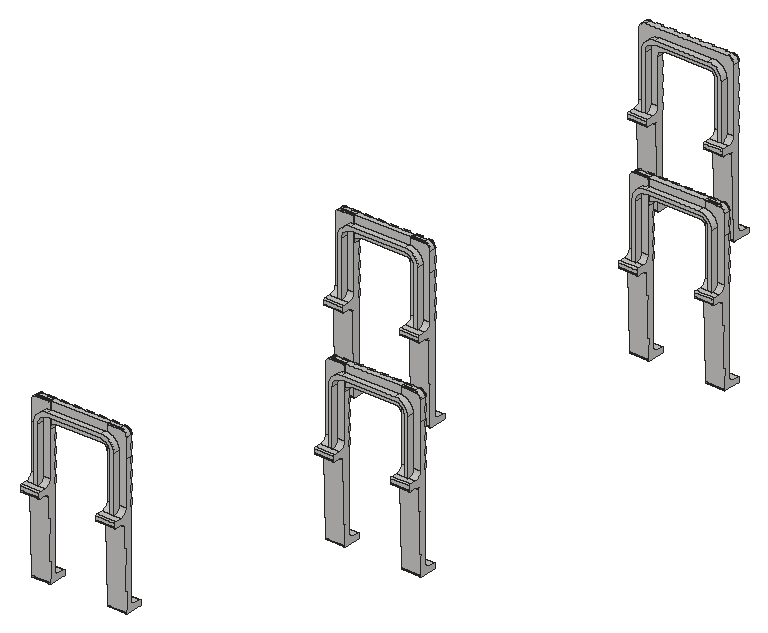
Revit family "TSF‐___‐DSD‐IRON‐SI_B0 (LOD500)", category Generic Models, host Face, Revit 2018 (continued)
Forms (mm)
  Extrusion 50, solid, material "Stainless Steel", visible <- "LHS"
    sketch origin (-175, -1208, 0) x (0, 0, 1) y (1, 0, 0)
      loop
        arc (128.5, 15) -> (128.146, 14.854) -> (128, 14.5) r 0.5
        line (128, 14.5) -> (128, 5.5)
        arc (128, 5.5) -> (128.146, 5.146) -> (128.5, 5) r 0.5
        line (128.5, 5) -> (130, 5)
      loop
        line (130, -15) -> (130, -5) -> (128.5, -5)
        arc (128.5, -5) -> (128.146, -5.146) -> (128, -5.5) r 0.5
        line (128, -5.5) -> (128, -14.5)
        arc (128, -14.5) -> (128.146, -14.854) -> (128.5, -15) r 0.5
        line (128.5, -15) -> (130, -15)
      loop
        line (130, -35) -> (130, -25) -> (128.5, -25)
        arc (128.5, -25) -> (128.146, -25.146) -> (128, -25.5) r 0.5
        line (128, -25.5) -> (128, -34.5)
        arc (128, -34.5) -> (128.146, -34.854) -> (128.5, -35) r 0.5
        line (128.5, -35) -> (130, -35)
      loop
        line (130, -55) -> (130, -45) -> (128.5, -45)
        arc (128.5, -45) -> (128.146, -45.146) -> (128, -45.5) r 0.5
        line (128, -45.5) -> (128, -54.5)
        arc (128, -54.5) -> (128.146, -54.854) -> (128.5, -55) r 0.5
        line (128.5, -55) -> (130, -55)
      loop
        line (120, -73.508) -> (120, -75)
        arc (120, -75) -> (127.071, -72.071) -> (130, -65) r 10
        line (130, -65) -> (128.515, -65)
        arc (128.515, -65) -> (128.151, -65.144) -> (127.984, -65.499) r 0.532
        arc (127.984, -65.499) -> (125.655, -70.659) -> (120.492, -72.985) r 8
        arc (120.492, -72.985) -> (120.142, -73.149) -> (120, -73.508) r 0.525
      loop
        line (100, -75) -> (110, -75) -> (110, -73.5)
        arc (110, -73.5) -> (109.854, -73.146) -> (109.5, -73) r 0.5
        line (109.5, -73) -> (100.5, -73)
        arc (100.5, -73) -> (100.146, -73.146) -> (100, -73.5) r 0.5
        line (100, -73.5) -> (100, -75)
      loop
        line (80, -75) -> (90, -75) -> (90, -73.5)
        arc (90, -73.5) -> (89.854, -73.146) -> (89.5, -73) r 0.5
        line (89.5, -73) -> (80.5, -73)
        arc (80.5, -73) -> (80.146, -73.146) -> (80, -73.5) r 0.5
        line (80, -73.5) -> (80, -75)
      loop
        line (60, -75) -> (71.013, -75) -> (71.013, -73.5)
        arc (71.013, -73.5) -> (70.866, -73.146) -> (70.513, -73) r 0.5
        line (70.513, -73) -> (60.5, -73)
        arc (60.5, -73) -> (60.146, -73.146) -> (60, -73.5) r 0.5
        line (60, -73.5) -> (60, -75)
      loop
        line (40, -75) -> (50, -75) -> (50, -73.5)
        arc (50, -73.5) -> (49.854, -73.146) -> (49.5, -73) r 0.5
        line (49.5, -73) -> (40.5, -73)
        arc (40.5, -73) -> (40.146, -73.146) -> (40, -73.5) r 0.5
        line (40, -73.5) -> (40, -75)
      loop
        line (20, -75) -> (30, -75) -> (30, -73.5)
        arc (30, -73.5) -> (29.854, -73.146) -> (29.5, -73) r 0.5
        line (29.5, -73) -> (20.5, -73)
        arc (20.5, -73) -> (20.146, -73.146) -> (20, -73.5) r 0.5
        line (20, -73.5) -> (20, -75)
      loop
        line (10, -47) -> (19.5, -47)
        arc (19.5, -47) -> (19.854, -46.854) -> (20, -46.5) r 0.5
        line (20, -46.5) -> (20, -45) -> (10, -45) -> (10, -47)
      loop
        line (30, -45) -> (30, -46.5)
        arc (30, -46.5) -> (30.146, -46.854) -> (30.5, -47) r 0.5
        line (30.5, -47) -> (39.5, -47)
        arc (39.5, -47) -> (39.854, -46.854) -> (40, -46.5) r 0.5
        line (40, -46.5) -> (40, -45) -> (30, -45)
      loop
        line (50, -45) -> (50, -46.5)
        arc (50, -46.5) -> (50.146, -46.854) -> (50.5, -47) r 0.5
        line (50.5, -47) -> (59.5, -47)
        arc (59.5, -47) -> (59.854, -46.854) -> (60, -46.5) r 0.5
        line (60, -46.5) -> (60, -45) -> (50, -45)
      loop
        line (71.097, -45) -> (71.097, -46.5)
        arc (71.097, -46.5) -> (71.244, -46.854) -> (71.597, -47) r 0.5
        line (71.597, -47) -> (79.5, -47)
        arc (79.5, -47) -> (79.854, -46.854) -> (80, -46.5) r 0.5
        line (80, -46.5) -> (80, -45) -> (71.097, -45)
      loop
        arc (95.528, -45.651) -> (95.774, -45.36) -> (95.746, -44.98) r 0.502
        line (95.746, -44.98) -> (95.067, -43.621)
        arc (95.067, -43.621) -> (92.626, -44.649) -> (90, -45) r 10
        line (90, -45) -> (90, -46.489)
        arc (90, -46.489) -> (90.154, -46.85) -> (90.522, -46.989) r 0.5
        arc (90.522, -46.989) -> (93.098, -46.593) -> (95.528, -45.651) r 12
      loop
        arc (100, -35) -> (99.671, -37.543) -> (98.707, -39.918) r 10
        line (98.707, -39.918) -> (100.107, -40.519)
        arc (100.107, -40.519) -> (100.494, -40.529) -> (100.781, -40.269) r 0.521
        arc (100.781, -40.269) -> (101.63, -37.958) -> (101.989, -35.522) r 12
        arc (101.989, -35.522) -> (101.85, -35.154) -> (101.489, -35) r 0.5
        line (101.489, -35) -> (100, -35)
      loop
        line (100, -25) -> (101.5, -25)
        arc (101.5, -25) -> (101.854, -24.854) -> (102, -24.5) r 0.5
        line (102, -24.5) -> (102, -15.5)
        arc (102, -15.5) -> (101.854, -15.146) -> (101.5, -15) r 0.5
        line (101.5, -15) -> (100, -15) -> (100, -25)
      loop
        line (100, -5) -> (101.5, -5)
        arc (101.5, -5) -> (101.854, -4.854) -> (102, -4.5) r 0.5
        line (102, -4.5) -> (102, 4.5)
        arc (102, 4.5) -> (101.854, 4.854) -> (101.5, 5) r 0.5
        line (101.5, 5) -> (100, 5) -> (100, -5)
      loop
        line (100, 15) -> (101.5, 15)
        arc (101.5, 15) -> (101.854, 15.146) -> (102, 15.5) r 0.5
        line (102, 15.5) -> (102, 24.5)
        arc (102, 24.5) -> (101.854, 24.854) -> (101.5, 25) r 0.5
        line (101.5, 25) -> (100, 25) -> (100, 15)
      loop
        line (10, 47) -> (10, 45) -> (20, 45) -> (20, 46.5)
        arc (20, 46.5) -> (19.854, 46.854) -> (19.5, 47) r 0.5
        line (19.5, 47) -> (10, 47)
      loop
        line (30, 45) -> (40, 45) -> (40, 46.5)
        arc (40, 46.5) -> (39.854, 46.854) -> (39.5, 47) r 0.5
        line (39.5, 47) -> (30.5, 47)
        arc (30.5, 47) -> (30.146, 46.854) -> (30, 46.5) r 0.5
        line (30, 46.5) -> (30, 45)
      loop
        line (50, 45) -> (60, 45) -> (60, 46.5)
        arc (60, 46.5) -> (59.854, 46.854) -> (59.5, 47) r 0.5
        line (59.5, 47) -> (50.5, 47)
        arc (50.5, 47) -> (50.146, 46.854) -> (50, 46.5) r 0.5
        line (50, 46.5) -> (50, 45)
      loop
        line (70, 45) -> (80, 45) -> (80, 46.5)
        arc (80, 46.5) -> (79.854, 46.854) -> (79.5, 47) r 0.5
        line (79.5, 47) -> (70.5, 47)
        arc (70.5, 47) -> (70.146, 46.854) -> (70, 46.5) r 0.5
        line (70, 46.5) -> (70, 45)
      loop
        arc (100.495, 40.818) -> (100.182, 41.061) -> (99.79, 41.004) r 0.505
        line (99.79, 41.004) -> (98.525, 40.228)
        arc (98.525, 40.228) -> (99.624, 37.716) -> (100, 35) r 10
        line (100, 35) -> (101.489, 35)
        arc (101.489, 35) -> (101.85, 35.154) -> (101.989, 35.522) r 0.5
        arc (101.989, 35.522) -> (101.55, 38.257) -> (100.495, 40.818) r 12
      loop
        arc (90, 45) -> (92.484, 44.687) -> (94.812, 43.766) r 10
        line (94.812, 43.766) -> (95.62, 44.978)
        arc (95.62, 44.978) -> (95.687, 45.382) -> (95.43, 45.701) r 0.5
        arc (95.43, 45.701) -> (93.045, 46.607) -> (90.522, 46.989) r 12
        arc (90.522, 46.989) -> (90.154, 46.85) -> (90, 46.489) r 0.5
        line (90, 46.489) -> (90, 45)
    from 8 to 10
  Extrusion 51, solid, material "Stainless Steel", visible <- "LHS"
    sketch origin (-175, -1208, 0) x (0, 0, 1) y (0, 1, 0)
      loop
        arc (-130, 1.939) -> (-129.436, 0.547) -> (-128.061, -0.06) r 2
        line (-128.061, -0.06) -> (-4.791, -3.851)
        arc (-4.791, -3.851) -> (-1.391, -5.385) -> (0, -8.846) r 5
        line (0, -8.846) -> (0, -20)
        arc (0, -20) -> (0.586, -21.414) -> (2, -22) r 2
        line (2, -22) -> (8, -22)
        arc (8, -22) -> (9.414, -21.414) -> (10, -20) r 2
        line (10, -20) -> (10, -10)
        arc (10, -10) -> (12.929, -2.929) -> (20, 0) r 10
        line (20, 0) -> (128, 0)
        arc (128, 0) -> (129.414, 0.586) -> (130, 2) r 2
        line (130, 2) -> (130, 8) -> (6.433, 8) -> (-112.761, 8)
        arc (-112.761, 8) -> (-118.129, 10.068) -> (-120.721, 15.204) r 8
        line (-120.721, 15.204) -> (-121.91, 27.099)
        arc (-121.91, 27.099) -> (-122.234, 27.741) -> (-122.905, 28) r 1
        line (-122.905, 28) -> (-129, 28)
        arc (-129, 28) -> (-129.707, 27.707) -> (-130, 27) r 1
        line (-130, 27) -> (-130, 1.939)
    from 45 to 75
  Extrusion 52, solid, material "Stainless Steel", visible <- "LHS"
    sketch origin (-55, -1208, 0) x (0, 0, 1) y (0, 1, 0)
      loop
        arc (-130, 1.939) -> (-129.436, 0.547) -> (-128.061, -0.06) r 2
        line (-128.061, -0.06) -> (-4.791, -3.851)
        arc (-4.791, -3.851) -> (-1.391, -5.385) -> (0, -8.846) r 5
        line (0, -8.846) -> (0, -20)
        arc (0, -20) -> (0.586, -21.414) -> (2, -22) r 2
        line (2, -22) -> (8, -22)
        arc (8, -22) -> (9.414, -21.414) -> (10, -20) r 2
        line (10, -20) -> (10, -10)
        arc (10, -10) -> (12.929, -2.929) -> (20, 0) r 10
        line (20, 0) -> (128, 0)
        arc (128, 0) -> (129.414, 0.586) -> (130, 2) r 2
        line (130, 2) -> (130, 8) -> (6.433, 8) -> (-112.761, 8)
        arc (-112.761, 8) -> (-118.129, 10.068) -> (-120.721, 15.204) r 8
        line (-120.721, 15.204) -> (-121.91, 27.099)
        arc (-121.91, 27.099) -> (-122.234, 27.741) -> (-122.905, 28) r 1
        line (-122.905, 28) -> (-129, 28)
        arc (-129, 28) -> (-129.707, 27.707) -> (-130, 27) r 1
        line (-130, 27) -> (-130, 1.939)
    from 45 to 75
  Extrusion 53, solid, material "Stainless Steel", visible <- "LHS"
    sketch origin (-175, -1208, 0) x (0, 0, 1) y (1, 0, 0)
      loop
        arc (90, 45) -> (97.071, 42.071) -> (100, 35) r 10
        line (100, 35) -> (100, -35)
        arc (100, -35) -> (97.071, -42.071) -> (90, -45) r 10
        line (90, -45) -> (90, -75) -> (120, -75)
        arc (120, -75) -> (127.071, -72.071) -> (130, -65) r 10
        line (130, -65) -> (130, 65)
        arc (130, 65) -> (127.071, 72.071) -> (120, 75) r 10
        line (120, 75) -> (90, 75) -> (90, 45)
    from 0 to 8
  Extrusion 54, void
    sketch origin (-175, -1208, 0) x (0, 0, 1) y (1, 0, 0)
      loop
        line (130, 65) -> (130, 75) -> (120, 75)
        arc (120, 75) -> (127.071, 72.071) -> (130, 65) r 10
      loop
        line (120, -75) -> (130, -75) -> (130, -65)
        arc (130, -65) -> (127.071, -72.071) -> (120, -75) r 10
    from 0 to 8
  Extrusion 55, solid, material "Stainless Steel", visible <- "RHS"
    sketch origin (175, -1208, 0) x (0, 0, 1) y (1, 0, 0)
      loop
        line (97, 63) -> (0, 63) -> (0, 57) -> (97, 57)
        arc (97, 57) -> (107.607, 52.607) -> (112, 42) r 15
        line (112, 42) -> (112, -42)
        arc (112, -42) -> (107.607, -52.607) -> (97, -57) r 15
        line (97, -57) -> (0, -57) -> (0, -63) -> (97, -63)
        arc (97, -63) -> (111.849, -56.849) -> (118, -42) r 21
        line (118, -42) -> (118, 42)
        arc (118, 42) -> (111.849, 56.849) -> (97, 63) r 21
    from -10 to 0
  Extrusion 56, solid, material "Stainless Steel", visible <- "RHS"
    sketch origin (175, -1208, 0) x (0, 0, 1) y (1, 0, 0)
      loop
        line (20, 75) -> (20, 73.5)
        arc (20, 73.5) -> (20.146, 73.146) -> (20.5, 73) r 0.5
        line (20.5, 73) -> (29.5, 73)
        arc (29.5, 73) -> (29.854, 73.146) -> (30, 73.5) r 0.5
        line (30, 73.5) -> (30, 75) -> (20, 75)
      loop
        line (40, 75) -> (40, 73.5)
        arc (40, 73.5) -> (40.146, 73.146) -> (40.5, 73) r 0.5
        line (40.5, 73) -> (49.5, 73)
        arc (49.5, 73) -> (49.854, 73.146) -> (50, 73.5) r 0.5
        line (50, 73.5) -> (50, 75) -> (40, 75)
      loop
        line (60, 75) -> (60, 73.5)
        arc (60, 73.5) -> (60.146, 73.146) -> (60.5, 73) r 0.5
        line (60.5, 73) -> (69.5, 73)
        arc (69.5, 73) -> (69.854, 73.146) -> (70, 73.5) r 0.5
        line (70, 73.5) -> (70, 75) -> (60, 75)
      loop
        line (80, 75) -> (80, 73.5)
        arc (80, 73.5) -> (80.146, 73.146) -> (80.5, 73) r 0.5
        line (80.5, 73) -> (89.492, 73)
        arc (89.492, 73) -> (89.851, 73.149) -> (90, 73.508) r 0.508
        line (90, 73.508) -> (90, 75) -> (80, 75)
      loop
        line (100, 75) -> (100, 73.5)
        arc (100, 73.5) -> (100.146, 73.146) -> (100.5, 73) r 0.5
        line (100.5, 73) -> (109.5, 73)
        arc (109.5, 73) -> (109.854, 73.146) -> (110, 73.5) r 0.5
        line (110, 73.5) -> (110, 75) -> (100, 75)
      loop
        arc (120, 73.528) -> (120.148, 73.155) -> (120.511, 72.984) r 0.546
        arc (120.511, 72.984) -> (125.835, 70.473) -> (128, 65) r 8
        line (128, 65) -> (130, 65)
        arc (130, 65) -> (127.071, 72.071) -> (120, 75) r 10
        line (120, 75) -> (120, 73.528)
      loop
        line (130, 45) -> (130, 55) -> (128.5, 55)
        arc (128.5, 55) -> (128.146, 54.854) -> (128, 54.5) r 0.5
        line (128, 54.5) -> (128, 45.5)
        arc (128, 45.5) -> (128.146, 45.146) -> (128.5, 45) r 0.5
        line (128.5, 45) -> (130, 45)
      loop
        line (130, 25) -> (130, 35) -> (128.5, 35)
        arc (128.5, 35) -> (128.146, 34.854) -> (128, 34.5) r 0.5
        line (128, 34.5) -> (128, 25.5)
        arc (128, 25.5) -> (128.146, 25.146) -> (128.5, 25) r 0.5
        line (128.5, 25) -> (130, 25)
      loop
        line (130, 5) -> (130, 15) -> (128.5, 15)
        arc (128.5, 15) -> (128.146, 14.854) -> (128, 14.5) r 0.5
        line (128, 14.5) -> (128, 5.5)
        arc (128, 5.5) -> (128.146, 5.146) -> (128.5, 5) r 0.5
        line (128.5, 5) -> (130, 5)
      loop
        line (130, -15) -> (130, -5) -> (128.5, -5)
        arc (128.5, -5) -> (128.146, -5.146) -> (128, -5.5) r 0.5
        line (128, -5.5) -> (128, -14.5)
        arc (128, -14.5) -> (128.146, -14.854) -> (128.5, -15) r 0.5
        line (128.5, -15) -> (130, -15)
      loop
        line (130, -35) -> (130, -25) -> (128.5, -25)
        arc (128.5, -25) -> (128.146, -25.146) -> (128, -25.5) r 0.5
        line (128, -25.5) -> (128, -34.5)
        arc (128, -34.5) -> (128.146, -34.854) -> (128.5, -35) r 0.5
        line (128.5, -35) -> (130, -35)
      loop
        line (130, -55) -> (130, -45) -> (128.5, -45)
        arc (128.5, -45) -> (128.146, -45.146) -> (128, -45.5) r 0.5
        line (128, -45.5) -> (128, -54.5)
        arc (128, -54.5) -> (128.146, -54.854) -> (128.5, -55) r 0.5
        line (128.5, -55) -> (130, -55)
      loop
        line (120, -73.508) -> (120, -75)
        arc (120, -75) -> (127.071, -72.071) -> (130, -65) r 10
        line (130, -65) -> (128.515, -65)
        arc (128.515, -65) -> (128.151, -65.144) -> (127.984, -65.499) r 0.532
        arc (127.984, -65.499) -> (125.655, -70.659) -> (120.492, -72.985) r 8
        arc (120.492, -72.985) -> (120.142, -73.149) -> (120, -73.508) r 0.525
      loop
        line (100, -75) -> (110, -75) -> (110, -73.5)
        arc (110, -73.5) -> (109.854, -73.146) -> (109.5, -73) r 0.5
        line (109.5, -73) -> (100.5, -73)
        arc (100.5, -73) -> (100.146, -73.146) -> (100, -73.5) r 0.5
        line (100, -73.5) -> (100, -75)
      loop
        line (80, -75) -> (90, -75) -> (90, -73.5)
        arc (90, -73.5) -> (89.854, -73.146) -> (89.5, -73) r 0.5
        line (89.5, -73) -> (80.5, -73)
        arc (80.5, -73) -> (80.146, -73.146) -> (80, -73.5) r 0.5
        line (80, -73.5) -> (80, -75)
      loop
        line (60, -75) -> (71.013, -75) -> (71.013, -73.5)
        arc (71.013, -73.5) -> (70.866, -73.146) -> (70.513, -73) r 0.5
        line (70.513, -73) -> (60.5, -73)
        arc (60.5, -73) -> (60.146, -73.146) -> (60, -73.5) r 0.5
        line (60, -73.5) -> (60, -75)
      loop
        line (40, -75) -> (50, -75) -> (50, -73.5)
        arc (50, -73.5) -> (49.854, -73.146) -> (49.5, -73) r 0.5
        line (49.5, -73) -> (40.5, -73)
        arc (40.5, -73) -> (40.146, -73.146) -> (40, -73.5) r 0.5
        line (40, -73.5) -> (40, -75)
      loop
        line (20, -75) -> (30, -75) -> (30, -73.5)
        arc (30, -73.5) -> (29.854, -73.146) -> (29.5, -73) r 0.5
        line (29.5, -73) -> (20.5, -73)
        arc (20.5, -73) -> (20.146, -73.146) -> (20, -73.5) r 0.5
        line (20, -73.5) -> (20, -75)
      loop
        line (10, -47) -> (19.5, -47)
        arc (19.5, -47) -> (19.854, -46.854) -> (20, -46.5) r 0.5
        line (20, -46.5) -> (20, -45) -> (10, -45) -> (10, -47)
      loop
        line (30, -45) -> (30, -46.5)
        arc (30, -46.5) -> (30.146, -46.854) -> (30.5, -47) r 0.5
        line (30.5, -47) -> (39.5, -47)
        arc (39.5, -47) -> (39.854, -46.854) -> (40, -46.5) r 0.5
        line (40, -46.5) -> (40, -45) -> (30, -45)
      loop
        line (50, -45) -> (50, -46.5)
        arc (50, -46.5) -> (50.146, -46.854) -> (50.5, -47) r 0.5
        line (50.5, -47) -> (59.5, -47)
        arc (59.5, -47) -> (59.854, -46.854) -> (60, -46.5) r 0.5
        line (60, -46.5) -> (60, -45) -> (50, -45)
      loop
        line (71.097, -45) -> (71.097, -46.5)
        arc (71.097, -46.5) -> (71.244, -46.854) -> (71.597, -47) r 0.5
        line (71.597, -47) -> (79.5, -47)
        arc (79.5, -47) -> (79.854, -46.854) -> (80, -46.5) r 0.5
        line (80, -46.5) -> (80, -45) -> (71.097, -45)
      loop
        arc (95.528, -45.651) -> (95.774, -45.36) -> (95.746, -44.98) r 0.502
        line (95.746, -44.98) -> (95.067, -43.621)
        arc (95.067, -43.621) -> (92.626, -44.649) -> (90, -45) r 10
        line (90, -45) -> (90, -46.489)
        arc (90, -46.489) -> (90.154, -46.85) -> (90.522, -46.989) r 0.5
        arc (90.522, -46.989) -> (93.098, -46.593) -> (95.528, -45.651) r 12
      loop
        arc (100, -35) -> (99.671, -37.543) -> (98.707, -39.918) r 10
        line (98.707, -39.918) -> (100.107, -40.519)
        arc (100.107, -40.519) -> (100.494, -40.529) -> (100.781, -40.269) r 0.521
        arc (100.781, -40.269) -> (101.63, -37.958) -> (101.989, -35.522) r 12
        arc (101.989, -35.522) -> (101.85, -35.154) -> (101.489, -35) r 0.5
        line (101.489, -35) -> (100, -35)
      loop
        line (100, -25) -> (101.5, -25)
        arc (101.5, -25) -> (101.854, -24.854) -> (102, -24.5) r 0.5
        line (102, -24.5) -> (102, -15.5)
        arc (102, -15.5) -> (101.854, -15.146) -> (101.5, -15) r 0.5
        line (101.5, -15) -> (100, -15) -> (100, -25)
      loop
        line (100, -5) -> (101.5, -5)
        arc (101.5, -5) -> (101.854, -4.854) -> (102, -4.5) r 0.5
        line (102, -4.5) -> (102, 4.5)
        arc (102, 4.5) -> (101.854, 4.854) -> (101.5, 5) r 0.5
        line (101.5, 5) -> (100, 5) -> (100, -5)
      loop
        line (100, 15) -> (101.5, 15)
        arc (101.5, 15) -> (101.854, 15.146) -> (102, 15.5) r 0.5
        line (102, 15.5) -> (102, 24.5)
        arc (102, 24.5) -> (101.854, 24.854) -> (101.5, 25) r 0.5
        line (101.5, 25) -> (100, 25) -> (100, 15)
      loop
        line (10, 47) -> (10, 45) -> (20, 45) -> (20, 46.5)
        arc (20, 46.5) -> (19.854, 46.854) -> (19.5, 47) r 0.5
        line (19.5, 47) -> (10, 47)
      loop
        line (30, 45) -> (40, 45) -> (40, 46.5)
        arc (40, 46.5) -> (39.854, 46.854) -> (39.5, 47) r 0.5
        line (39.5, 47) -> (30.5, 47)
        arc (30.5, 47) -> (30.146, 46.854) -> (30, 46.5) r 0.5
        line (30, 46.5) -> (30, 45)
      loop
        line (50, 45) -> (60, 45) -> (60, 46.5)
        arc (60, 46.5) -> (59.854, 46.854) -> (59.5, 47) r 0.5
        line (59.5, 47) -> (50.5, 47)
        arc (50.5, 47) -> (50.146, 46.854) -> (50, 46.5) r 0.5
        line (50, 46.5) -> (50, 45)
      loop
        line (70, 45) -> (80, 45) -> (80, 46.5)
        arc (80, 46.5) -> (79.854, 46.854) -> (79.5, 47) r 0.5
        line (79.5, 47) -> (70.5, 47)
        arc (70.5, 47) -> (70.146, 46.854) -> (70, 46.5) r 0.5
        line (70, 46.5) -> (70, 45)
      loop
        arc (100.495, 40.818) -> (100.182, 41.061) -> (99.79, 41.004) r 0.505
        line (99.79, 41.004) -> (98.525, 40.228)
        arc (98.525, 40.228) -> (99.624, 37.716) -> (100, 35) r 10
        line (100, 35) -> (101.489, 35)
        arc (101.489, 35) -> (101.85, 35.154) -> (101.989, 35.522) r 0.5
        arc (101.989, 35.522) -> (101.55, 38.257) -> (100.495, 40.818) r 12
      loop
        arc (90, 45) -> (92.484, 44.687) -> (94.812, 43.766) r 10
        line (94.812, 43.766) -> (95.62, 44.978)
        arc (95.62, 44.978) -> (95.687, 45.382) -> (95.43, 45.701) r 0.5
        arc (95.43, 45.701) -> (93.045, 46.607) -> (90.522, 46.989) r 12
        arc (90.522, 46.989) -> (90.154, 46.85) -> (90, 46.489) r 0.5
        line (90, 46.489) -> (90, 45)
    from 8 to 10
  Extrusion 57, solid, material "Stainless Steel", visible <- "RHS"
    sketch origin (175, -1208, 0) x (0, 0, 1) y (0, 1, 0)
      loop
        arc (-130, 1.939) -> (-129.436, 0.547) -> (-128.061, -0.06) r 2
        line (-128.061, -0.06) -> (-4.791, -3.851)
        arc (-4.791, -3.851) -> (-1.391, -5.385) -> (0, -8.846) r 5
        line (0, -8.846) -> (0, -20)
        arc (0, -20) -> (0.586, -21.414) -> (2, -22) r 2
        line (2, -22) -> (8, -22)
        arc (8, -22) -> (9.414, -21.414) -> (10, -20) r 2
        line (10, -20) -> (10, -10)
        arc (10, -10) -> (12.929, -2.929) -> (20, 0) r 10
        line (20, 0) -> (128, 0)
        arc (128, 0) -> (129.414, 0.586) -> (130, 2) r 2
        line (130, 2) -> (130, 8) -> (6.433, 8) -> (-112.761, 8)
        arc (-112.761, 8) -> (-118.129, 10.068) -> (-120.721, 15.204) r 8
        line (-120.721, 15.204) -> (-121.91, 27.099)
        arc (-121.91, 27.099) -> (-122.234, 27.741) -> (-122.905, 28) r 1
        line (-122.905, 28) -> (-129, 28)
        arc (-129, 28) -> (-129.707, 27.707) -> (-130, 27) r 1
        line (-130, 27) -> (-130, 1.939)
    from 45 to 75
  Extrusion 58, solid, material "Stainless Steel", visible <- "RHS"
    sketch origin (295, -1208, 0) x (0, 0, 1) y (0, 1, 0)
      loop
        arc (-130, 1.939) -> (-129.436, 0.547) -> (-128.061, -0.06) r 2
        line (-128.061, -0.06) -> (-4.791, -3.851)
        arc (-4.791, -3.851) -> (-1.391, -5.385) -> (0, -8.846) r 5
        line (0, -8.846) -> (0, -20)
        arc (0, -20) -> (0.586, -21.414) -> (2, -22) r 2
        line (2, -22) -> (8, -22)
        arc (8, -22) -> (9.414, -21.414) -> (10, -20) r 2
        line (10, -20) -> (10, -10)
        arc (10, -10) -> (12.929, -2.929) -> (20, 0) r 10
        line (20, 0) -> (128, 0)
        arc (128, 0) -> (129.414, 0.586) -> (130, 2) r 2
        line (130, 2) -> (130, 8) -> (6.433, 8) -> (-112.761, 8)
        arc (-112.761, 8) -> (-118.129, 10.068) -> (-120.721, 15.204) r 8
        line (-120.721, 15.204) -> (-121.91, 27.099)
        arc (-121.91, 27.099) -> (-122.234, 27.741) -> (-122.905, 28) r 1
        line (-122.905, 28) -> (-129, 28)
        arc (-129, 28) -> (-129.707, 27.707) -> (-130, 27) r 1
        line (-130, 27) -> (-130, 1.939)
    from 45 to 75
  Extrusion 59, solid, material "Stainless Steel", visible <- "RHS"
    sketch origin (175, -1208, 0) x (0, 0, 1) y (1, 0, 0)
      loop
        arc (90, 45) -> (97.071, 42.071) -> (100, 35) r 10
        line (100, 35) -> (100, -35)
        arc (100, -35) -> (97.071, -42.071) -> (90, -45) r 10
        line (90, -45) -> (90, -75) -> (120, -75)
        arc (120, -75) -> (127.071, -72.071) -> (130, -65) r 10
        line (130, -65) -> (130, 65)
        arc (130, 65) -> (127.071, 72.071) -> (120, 75) r 10
        line (120, 75) -> (90, 75) -> (90, 45)
    from 0 to 8
  Extrusion 60, void
    sketch origin (175, -1208, 0) x (0, 0, 1) y (1, 0, 0)
      loop
        line (130, 65) -> (130, 75) -> (120, 75)
        arc (120, 75) -> (127.071, 72.071) -> (130, 65) r 10
      loop
        line (120, -75) -> (130, -75) -> (130, -65)
        arc (130, -65) -> (127.071, -72.071) -> (120, -75) r 10
    from 0 to 8
Cuts and joins
  Extrusion 12, Extrusion 36, Extrusion 48 cuts Extrusion 1
  Extrusion 12, Extrusion 36, Extrusion 48 cuts Extrusion 2
  Extrusion 6, Extrusion 12, Extrusion 36, Extrusion 48 cuts Extrusion 3
  Extrusion 6, Extrusion 12, Extrusion 36, Extrusion 48 cuts Extrusion 4
  Extrusion 6, Extrusion 12, Extrusion 36, Extrusion 48 cuts Extrusion 5
  joined: Extrusion 1, Extrusion 2, Extrusion 3, Extrusion 4, Extrusion 5
  Extrusion 12, Extrusion 18, Extrusion 24 cuts Extrusion 7
  Extrusion 18, Extrusion 24 cuts Extrusion 8
  Extrusion 12, Extrusion 18, Extrusion 24 cuts Extrusion 9
  Extrusion 12, Extrusion 18, Extrusion 24 cuts Extrusion 10
  Extrusion 12, Extrusion 18, Extrusion 24 cuts Extrusion 11
  joined: Extrusion 7, Extrusion 8, Extrusion 9, Extrusion 10, Extrusion 11
  Extrusion 18, Extrusion 30 cuts Extrusion 15
  Extrusion 18, Extrusion 30 cuts Extrusion 16
  Extrusion 18, Extrusion 30, Extrusion 42 cuts Extrusion 17
  Extrusion 24 cuts Extrusion 21
  Extrusion 24 cuts Extrusion 22
  Extrusion 24 cuts Extrusion 23
  Extrusion 30 cuts Extrusion 27
  Extrusion 30 cuts Extrusion 28
  Extrusion 30 cuts Extrusion 29
  Extrusion 36, Extrusion 42 cuts Extrusion 33
  Extrusion 36, Extrusion 42 cuts Extrusion 34
  Extrusion 36, Extrusion 42 cuts Extrusion 35
  Extrusion 42 cuts Extrusion 14
  Extrusion 42 cuts Extrusion 39
  Extrusion 42 cuts Extrusion 40
  Extrusion 42 cuts Extrusion 41
  Extrusion 48 cuts Extrusion 45
  Extrusion 48 cuts Extrusion 46
  Extrusion 48 cuts Extrusion 47
  Extrusion 54 cuts Extrusion 51
  Extrusion 54 cuts Extrusion 52
  Extrusion 54 cuts Extrusion 53
  Extrusion 60 cuts Extrusion 57
  Extrusion 60 cuts Extrusion 58
  Extrusion 60 cuts Extrusion 59
Dimensions and locks
  locked: plane 3 "Center (Left/Right)" to plane 4 at 100
  locked: plane 5 "LHS" to plane 3 "Center (Left/Right)" at 100
  locked: plane 6 "Thickness" to plane 1 "Center (Front/Back)" at 8
  cut or joined group 1 (Extrusion 7, Extrusion 8, Extrusion 9, Extrusion 10, Extrusion 11, Extrusion 12, Extrusion 18, Extrusion 24) to cut or joined group 1 to cut or joined group 1 to plane 5 "LHS" = 30 mm locked, 90 mm locked, 30 mm locked
  plane 4 to cut or joined group 2 (Extrusion 1, Extrusion 2, Extrusion 3, Extrusion 4, Extrusion 5, Extrusion 6, Extrusion 12, Extrusion 36, Extrusion 48) to cut or joined group 2 to cut or joined group 2 = 30 mm locked, 90 mm locked, 30 mm locked
  locked: plane 1 "Center (Front/Back)" to cut or joined group 2 at 2
  plane 6 "Thickness" to plane 1 "Center (Front/Back)" to cut or joined group 1 = 8 mm locked, 2 mm locked
  locked: plane 6 "Thickness" to cut or joined group 1 at 10
  locked: plane 6 "Thickness" to cut or joined group 2 at 10
  equal spacing: group 1, group 2, group 9  (x2)
  equal spacing: group 9, group 2, group 1
  group 3 to group 4 = 0 mm  (x2)
  group 4 to group 3 = 600 mm
  group 5 to group 6 = 0 mm  (x2)
  group 6 to group 5 = 600 mm
  equal spacing: group 7, group 8, group 10  (x2)
  equal spacing: group 10, group 8, group 7
  aligned and locked: plane 2 to host face
  aligned and locked: level to host face
  aligned and locked: Extrusion 2 to Extrusion 6
  aligned and locked: Extrusion 4 to Extrusion 3
  aligned and locked: Extrusion 2 to Extrusion 3
  aligned and locked: Extrusion 2 to Extrusion 4
  aligned and locked: Extrusion 8 to Extrusion 12
  aligned and locked: Extrusion 10 to Extrusion 9
  aligned and locked: Extrusion 8 to Extrusion 9
  aligned and locked: Extrusion 8 to Extrusion 10
  aligned and locked: Extrusion 10 to plane 5 "LHS"
  aligned and locked: Extrusion 3 to Extrusion 2
  aligned and locked: Extrusion 11 to Extrusion 7
  aligned and locked: Extrusion 11 to plane 1 "Center (Front/Back)"
  aligned and locked: Extrusion 5 to Extrusion 1
  aligned and locked: Extrusion 5 to plane 1 "Center (Front/Back)"
  aligned and locked: Extrusion 14 to Extrusion 18
  aligned and locked: Extrusion 16 to Extrusion 15
  aligned and locked: Extrusion 14 to Extrusion 15
  aligned and locked: Extrusion 14 to Extrusion 16
  aligned and locked: Extrusion 17 to Extrusion 13
  aligned and locked: Extrusion 20 to Extrusion 24
  aligned and locked: Extrusion 22 to Extrusion 21
  aligned and locked: Extrusion 20 to Extrusion 21
  aligned and locked: Extrusion 20 to Extrusion 22
  aligned and locked: Extrusion 23 to Extrusion 19
  aligned and locked: Extrusion 26 to Extrusion 30
  aligned and locked: Extrusion 28 to Extrusion 27
  aligned and locked: Extrusion 26 to Extrusion 27
  aligned and locked: Extrusion 26 to Extrusion 28
  aligned and locked: Extrusion 29 to Extrusion 25
  aligned and locked: Extrusion 32 to Extrusion 36
  aligned and locked: Extrusion 34 to Extrusion 33
  aligned and locked: Extrusion 32 to Extrusion 33
  aligned and locked: Extrusion 32 to Extrusion 34
  aligned and locked: Extrusion 33 to Extrusion 32
  aligned and locked: Extrusion 35 to Extrusion 31
  aligned and locked: Extrusion 38 to Extrusion 42
  aligned and locked: Extrusion 40 to Extrusion 39
  aligned and locked: Extrusion 38 to Extrusion 39
  aligned and locked: Extrusion 38 to Extrusion 40
  aligned and locked: Extrusion 39 to Extrusion 38
  aligned and locked: Extrusion 41 to Extrusion 37
  aligned and locked: Extrusion 44 to Extrusion 48
  aligned and locked: Extrusion 46 to Extrusion 45
  aligned and locked: Extrusion 44 to Extrusion 45
  aligned and locked: Extrusion 44 to Extrusion 46
  aligned and locked: Extrusion 45 to Extrusion 44
  aligned and locked: Extrusion 47 to Extrusion 43
  aligned and locked: Extrusion 50 to Extrusion 54
  aligned and locked: Extrusion 52 to Extrusion 51
  aligned and locked: Extrusion 50 to Extrusion 51
  aligned and locked: Extrusion 50 to Extrusion 52
  aligned and locked: Extrusion 53 to Extrusion 49
  aligned and locked: Extrusion 56 to Extrusion 60
  aligned and locked: Extrusion 58 to Extrusion 57
  aligned and locked: Extrusion 56 to Extrusion 57
  aligned and locked: Extrusion 56 to Extrusion 58
  aligned and locked: Extrusion 57 to Extrusion 56
  aligned and locked: Extrusion 59 to Extrusion 55
Automatic sketch dimensions
  Extrusion 13 sketch curve to Extrusion 13 sketch curve = 0 mm  (x9)
  Extrusion 13 sketch curve to Extrusion 13 sketch curve = 15 mm  (x2)
  Extrusion 13 sketch curve to Extrusion 13 sketch curve = 6 mm
  Extrusion 14 sketch curve to Extrusion 14 sketch curve = 0 mm  (x63)
  Extrusion 14 sketch curve to Extrusion 14 sketch curve = 9.5 mm  (x2)
  Extrusion 14 sketch curve to Extrusion 14 sketch curve = 0.5 mm  (x63)
  Extrusion 14 sketch curve to Extrusion 14 sketch curve = 9 mm  (x22)
  Extrusion 14 sketch curve to Extrusion 14 sketch curve = 10 mm  (x29)
  Extrusion 14 sketch curve to Extrusion 14 sketch curve = 10.013 mm
  Extrusion 14 sketch curve to Extrusion 14 sketch curve = 11.097 mm
  Extrusion 14 sketch curve to Extrusion 14 sketch curve = 7.903 mm
  Extrusion 14 sketch curve to Extrusion 14 sketch curve = 8.987 mm
  Extrusion 14 sketch curve to Extrusion 14 sketch curve = 8.992 mm
  Extrusion 14 sketch curve to Extrusion 14 sketch curve = 0.508 mm
  Extrusion 14 sketch curve to Extrusion 14 sketch curve = 4.812 mm
  Extrusion 14 sketch curve to Extrusion 14 sketch curve = 5.067 mm
  Extrusion 14 sketch curve to Extrusion 14 sketch curve = 0.391 mm
  Extrusion 14 sketch curve to Extrusion 14 sketch curve = 0.23 mm
  Extrusion 14 sketch curve to Extrusion 14 sketch curve = 0.449 mm
  Extrusion 14 sketch curve to Extrusion 14 sketch curve = 3.712 mm
  Extrusion 14 sketch curve to Extrusion 14 sketch curve = 3.64 mm
  Extrusion 14 sketch curve to Extrusion 14 sketch curve = 1.265 mm
  Extrusion 14 sketch curve to Extrusion 14 sketch curve = 1.475 mm
  Extrusion 14 sketch curve to Extrusion 14 sketch curve = 1.293 mm
  Extrusion 14 sketch curve to Extrusion 14 sketch curve = 0.264 mm
  Extrusion 14 sketch curve to Extrusion 14 sketch curve = 1.401 mm
  Extrusion 14 sketch curve to Extrusion 14 sketch curve = 0.206 mm
  Extrusion 14 sketch curve to Extrusion 14 sketch curve = 1.489 mm  (x5)
  Extrusion 14 sketch curve to Extrusion 14 sketch curve = 1.5 mm  (x29)
  Extrusion 14 sketch curve to Extrusion 14 sketch curve = 0.525 mm
  Extrusion 14 sketch curve to Extrusion 14 sketch curve = 0.546 mm
  Extrusion 14 sketch curve to Extrusion 14 sketch curve = 26 mm  (x3)
  Extrusion 14 sketch curve to Extrusion 14 sketch curve = 8 mm
  Extrusion 14 sketch curve to Extrusion 14 sketch curve = 8.515 mm
  Extrusion 14 sketch curve to Extrusion 14 sketch curve = 2 mm  (x4)
  Extrusion 14 sketch curve to Extrusion 14 sketch curve = 1.485 mm
  Extrusion 14 sketch curve to Extrusion 14 sketch curve = 0.532 mm
  Extrusion 14 sketch curve to Extrusion 14 sketch curve = 1.492 mm
  Extrusion 14 sketch curve to Extrusion 14 sketch curve = 0.225 mm
  Extrusion 14 sketch curve to Extrusion 14 sketch curve = 0.479 mm
  Extrusion 14 sketch curve to Extrusion 14 sketch curve = 0.43 mm
  Extrusion 14 sketch curve to Extrusion 14 sketch curve = 1.472 mm
  Extrusion 14 sketch curve to Extrusion 14 sketch curve = 0.416 mm
  Extrusion 15 sketch curve to Extrusion 15 sketch curve = 0.209 mm
  Extrusion 15 sketch curve to Extrusion 15 sketch curve = 107.969 mm
  Extrusion 15 sketch curve to Extrusion 15 sketch curve = 7.96 mm
  Extrusion 15 sketch curve to Extrusion 15 sketch curve = 1.189 mm
  Extrusion 15 sketch curve to Extrusion 15 sketch curve = 0.995 mm
  Extrusion 15 sketch curve to Extrusion 15 sketch curve = 7.279 mm
  Extrusion 15 sketch curve to Extrusion 15 sketch curve = 0.061 mm
  Extrusion 15 sketch curve to Extrusion 15 sketch curve = 6.095 mm
  Extrusion 15 sketch curve to Extrusion 15 sketch curve = 2 mm  (x4)
  Extrusion 15 sketch curve to Extrusion 15 sketch curve = 6 mm
  Extrusion 15 sketch curve to Extrusion 15 sketch curve = 10 mm  (x2)
  Extrusion 15 sketch curve to Extrusion 15 sketch curve = 108 mm
  Extrusion 15 sketch curve to Extrusion 15 sketch curve = 11.154 mm
  Extrusion 15 sketch curve to Extrusion 15 sketch curve = 3.791 mm
  Extrusion 15 sketch curve to Extrusion 15 sketch curve = 8 mm
  Extrusion 15 sketch curve to Extrusion 15 sketch curve = 7.204 mm
  Extrusion 15 sketch curve to Extrusion 15 sketch curve = 11.796 mm
  Extrusion 15 sketch curve to Extrusion 15 sketch curve = 0 mm
  Extrusion 16 sketch curve to Extrusion 16 sketch curve = 0.209 mm
  Extrusion 16 sketch curve to Extrusion 16 sketch curve = 107.969 mm
  Extrusion 16 sketch curve to Extrusion 16 sketch curve = 7.96 mm
  Extrusion 16 sketch curve to Extrusion 16 sketch curve = 1.189 mm
  Extrusion 16 sketch curve to Extrusion 16 sketch curve = 0.995 mm
  Extrusion 16 sketch curve to Extrusion 16 sketch curve = 7.279 mm
  Extrusion 16 sketch curve to Extrusion 16 sketch curve = 0.061 mm
  Extrusion 16 sketch curve to Extrusion 16 sketch curve = 6.095 mm
  Extrusion 16 sketch curve to Extrusion 16 sketch curve = 2 mm  (x4)
  Extrusion 16 sketch curve to Extrusion 16 sketch curve = 6 mm
  Extrusion 16 sketch curve to Extrusion 16 sketch curve = 10 mm  (x2)
  Extrusion 16 sketch curve to Extrusion 16 sketch curve = 108 mm
  Extrusion 16 sketch curve to Extrusion 16 sketch curve = 11.154 mm
  Extrusion 16 sketch curve to Extrusion 16 sketch curve = 3.791 mm
  Extrusion 16 sketch curve to Extrusion 16 sketch curve = 8 mm
  Extrusion 16 sketch curve to Extrusion 16 sketch curve = 7.204 mm
  Extrusion 16 sketch curve to Extrusion 16 sketch curve = 11.796 mm
  Extrusion 16 sketch curve to Extrusion 16 sketch curve = 0 mm
  Extrusion 17 sketch curve to Extrusion 17 sketch curve = 10 mm  (x2)
  Extrusion 17 sketch curve to Extrusion 17 sketch curve = 30 mm  (x4)
  Extrusion 18 sketch curve to Extrusion 18 sketch curve = 10 mm  (x4)
  Extrusion 18 sketch curve to Extrusion 18 sketch curve = 0 mm  (x7)
  Extrusion 13 sketch curve to Extrusion 13 sketch curve = 97 mm
  Extrusion 13 sketch curve to Extrusion 13 sketch curve = 84 mm
  Extrusion 14 sketch curve to Extrusion 14 sketch curve = 0.011 mm
  Extrusion 14 sketch curve to Extrusion 14 sketch curve = 1.284 mm
  Extrusion 14 sketch curve to Extrusion 14 sketch curve = 1.359 mm
  Extrusion 14 sketch curve to Extrusion 14 sketch curve = 0.601 mm
  Extrusion 14 sketch curve to Extrusion 14 sketch curve = 0.345 mm
  Extrusion 14 sketch curve to Extrusion 14 sketch curve = 3.538 mm
  Extrusion 15 sketch curve to Extrusion 15 sketch curve = 5 mm
  Extrusion 15 sketch curve to Extrusion 15 sketch curve = 13.567 mm
  Extrusion 16 sketch curve to Extrusion 16 sketch curve = 5 mm
  Extrusion 16 sketch curve to Extrusion 16 sketch curve = 13.567 mm
  Extrusion 17 sketch curve to Extrusion 17 sketch curve = 0 mm
  Extrusion 17 sketch curve to Extrusion 17 sketch curve = 70 mm
  Extrusion 18 sketch curve to Extrusion 18 sketch curve = 130 mm
  Extrusion 25 sketch curve to Extrusion 25 sketch curve = 0 mm  (x9)
  Extrusion 25 sketch curve to Extrusion 25 sketch curve = 15 mm  (x2)
  Extrusion 25 sketch curve to Extrusion 25 sketch curve = 6 mm
  Extrusion 26 sketch curve to Extrusion 26 sketch curve = 0 mm  (x63)
  Extrusion 26 sketch curve to Extrusion 26 sketch curve = 9.5 mm  (x2)
  Extrusion 26 sketch curve to Extrusion 26 sketch curve = 0.5 mm  (x63)
  Extrusion 26 sketch curve to Extrusion 26 sketch curve = 9 mm  (x22)
  Extrusion 26 sketch curve to Extrusion 26 sketch curve = 10 mm  (x29)
  Extrusion 26 sketch curve to Extrusion 26 sketch curve = 10.013 mm
  Extrusion 26 sketch curve to Extrusion 26 sketch curve = 11.097 mm
  Extrusion 26 sketch curve to Extrusion 26 sketch curve = 7.903 mm
  Extrusion 26 sketch curve to Extrusion 26 sketch curve = 8.987 mm
  Extrusion 26 sketch curve to Extrusion 26 sketch curve = 8.992 mm
  Extrusion 26 sketch curve to Extrusion 26 sketch curve = 0.508 mm
  Extrusion 26 sketch curve to Extrusion 26 sketch curve = 4.812 mm
  Extrusion 26 sketch curve to Extrusion 26 sketch curve = 5.067 mm
  Extrusion 26 sketch curve to Extrusion 26 sketch curve = 0.391 mm
  Extrusion 26 sketch curve to Extrusion 26 sketch curve = 0.23 mm
  Extrusion 26 sketch curve to Extrusion 26 sketch curve = 0.449 mm
  Extrusion 26 sketch curve to Extrusion 26 sketch curve = 3.712 mm
  Extrusion 26 sketch curve to Extrusion 26 sketch curve = 3.64 mm
  Extrusion 26 sketch curve to Extrusion 26 sketch curve = 1.265 mm
  Extrusion 26 sketch curve to Extrusion 26 sketch curve = 1.475 mm
  Extrusion 26 sketch curve to Extrusion 26 sketch curve = 1.293 mm
  Extrusion 26 sketch curve to Extrusion 26 sketch curve = 0.264 mm
  Extrusion 26 sketch curve to Extrusion 26 sketch curve = 1.401 mm
  Extrusion 26 sketch curve to Extrusion 26 sketch curve = 0.206 mm
  Extrusion 26 sketch curve to Extrusion 26 sketch curve = 1.489 mm  (x5)
  Extrusion 26 sketch curve to Extrusion 26 sketch curve = 1.5 mm  (x29)
  Extrusion 26 sketch curve to Extrusion 26 sketch curve = 0.525 mm
  Extrusion 26 sketch curve to Extrusion 26 sketch curve = 0.546 mm
  Extrusion 26 sketch curve to Extrusion 26 sketch curve = 26 mm  (x3)
  Extrusion 26 sketch curve to Extrusion 26 sketch curve = 8 mm
  Extrusion 26 sketch curve to Extrusion 26 sketch curve = 8.515 mm
  Extrusion 26 sketch curve to Extrusion 26 sketch curve = 2 mm  (x4)
  Extrusion 26 sketch curve to Extrusion 26 sketch curve = 1.485 mm
  Extrusion 26 sketch curve to Extrusion 26 sketch curve = 0.532 mm
  Extrusion 26 sketch curve to Extrusion 26 sketch curve = 1.492 mm
  Extrusion 26 sketch curve to Extrusion 26 sketch curve = 0.225 mm
  Extrusion 26 sketch curve to Extrusion 26 sketch curve = 0.479 mm
  Extrusion 26 sketch curve to Extrusion 26 sketch curve = 0.43 mm
  Extrusion 26 sketch curve to Extrusion 26 sketch curve = 1.472 mm
  Extrusion 26 sketch curve to Extrusion 26 sketch curve = 0.416 mm
  Extrusion 27 sketch curve to Extrusion 27 sketch curve = 0.209 mm
  Extrusion 27 sketch curve to Extrusion 27 sketch curve = 107.969 mm
  Extrusion 27 sketch curve to Extrusion 27 sketch curve = 7.96 mm
  Extrusion 27 sketch curve to Extrusion 27 sketch curve = 1.189 mm
  Extrusion 27 sketch curve to Extrusion 27 sketch curve = 0.995 mm
  Extrusion 27 sketch curve to Extrusion 27 sketch curve = 7.279 mm
  Extrusion 27 sketch curve to Extrusion 27 sketch curve = 0.061 mm
  Extrusion 27 sketch curve to Extrusion 27 sketch curve = 6.095 mm
  Extrusion 27 sketch curve to Extrusion 27 sketch curve = 2 mm  (x4)
  Extrusion 27 sketch curve to Extrusion 27 sketch curve = 6 mm
  Extrusion 27 sketch curve to Extrusion 27 sketch curve = 10 mm  (x2)
  Extrusion 27 sketch curve to Extrusion 27 sketch curve = 108 mm
  Extrusion 27 sketch curve to Extrusion 27 sketch curve = 11.154 mm
  Extrusion 27 sketch curve to Extrusion 27 sketch curve = 3.791 mm
  Extrusion 27 sketch curve to Extrusion 27 sketch curve = 8 mm
  Extrusion 27 sketch curve to Extrusion 27 sketch curve = 7.204 mm
  Extrusion 27 sketch curve to Extrusion 27 sketch curve = 11.796 mm
  Extrusion 27 sketch curve to Extrusion 27 sketch curve = 0 mm
  Extrusion 28 sketch curve to Extrusion 28 sketch curve = 0.209 mm
  Extrusion 28 sketch curve to Extrusion 28 sketch curve = 107.969 mm
  Extrusion 28 sketch curve to Extrusion 28 sketch curve = 7.96 mm
  Extrusion 28 sketch curve to Extrusion 28 sketch curve = 1.189 mm
  Extrusion 28 sketch curve to Extrusion 28 sketch curve = 0.995 mm
  Extrusion 28 sketch curve to Extrusion 28 sketch curve = 7.279 mm
  Extrusion 28 sketch curve to Extrusion 28 sketch curve = 0.061 mm
  Extrusion 28 sketch curve to Extrusion 28 sketch curve = 6.095 mm
  Extrusion 28 sketch curve to Extrusion 28 sketch curve = 2 mm  (x4)
  Extrusion 28 sketch curve to Extrusion 28 sketch curve = 6 mm
  Extrusion 28 sketch curve to Extrusion 28 sketch curve = 10 mm  (x2)
  Extrusion 28 sketch curve to Extrusion 28 sketch curve = 108 mm
  Extrusion 28 sketch curve to Extrusion 28 sketch curve = 11.154 mm
  Extrusion 28 sketch curve to Extrusion 28 sketch curve = 3.791 mm
  Extrusion 28 sketch curve to Extrusion 28 sketch curve = 8 mm
  Extrusion 28 sketch curve to Extrusion 28 sketch curve = 7.204 mm
  Extrusion 28 sketch curve to Extrusion 28 sketch curve = 11.796 mm
  Extrusion 28 sketch curve to Extrusion 28 sketch curve = 0 mm
  Extrusion 29 sketch curve to Extrusion 29 sketch curve = 10 mm  (x2)
  Extrusion 29 sketch curve to Extrusion 29 sketch curve = 30 mm  (x4)
  Extrusion 30 sketch curve to Extrusion 30 sketch curve = 10 mm  (x4)
  Extrusion 30 sketch curve to Extrusion 30 sketch curve = 0 mm  (x7)
  Extrusion 25 sketch curve to Extrusion 25 sketch curve = 97 mm
  Extrusion 25 sketch curve to Extrusion 25 sketch curve = 84 mm
  Extrusion 26 sketch curve to Extrusion 26 sketch curve = 0.011 mm
  Extrusion 26 sketch curve to Extrusion 26 sketch curve = 1.284 mm
  Extrusion 26 sketch curve to Extrusion 26 sketch curve = 1.359 mm
  Extrusion 26 sketch curve to Extrusion 26 sketch curve = 0.601 mm
  Extrusion 26 sketch curve to Extrusion 26 sketch curve = 0.345 mm
  Extrusion 26 sketch curve to Extrusion 26 sketch curve = 3.538 mm
  Extrusion 27 sketch curve to Extrusion 27 sketch curve = 5 mm
  Extrusion 27 sketch curve to Extrusion 27 sketch curve = 13.567 mm
  Extrusion 28 sketch curve to Extrusion 28 sketch curve = 5 mm
  Extrusion 28 sketch curve to Extrusion 28 sketch curve = 13.567 mm
  Extrusion 29 sketch curve to Extrusion 29 sketch curve = 0 mm
  Extrusion 29 sketch curve to Extrusion 29 sketch curve = 70 mm
  Extrusion 30 sketch curve to Extrusion 30 sketch curve = 130 mm
  host sketch curve to host sketch curve = 2438.4 mm  (x2)
  Extrusion 1 sketch curve to Extrusion 1 sketch curve = 0 mm  (x9)
  Extrusion 1 sketch curve to Extrusion 1 sketch curve = 15 mm  (x2)
  Extrusion 1 sketch curve to Extrusion 1 sketch curve = 6 mm
  Extrusion 1 sketch curve to Extrusion 1 sketch curve = 84 mm
  Extrusion 2 sketch curve to Extrusion 2 sketch curve = 0 mm  (x67)
  Extrusion 2 sketch curve to Extrusion 2 sketch curve = 9.5 mm  (x2)
  Extrusion 2 sketch curve to Extrusion 2 sketch curve = 0.5 mm  (x60)
  Extrusion 2 sketch curve to Extrusion 2 sketch curve = 9 mm  (x22)
  Extrusion 2 sketch curve to Extrusion 2 sketch curve = 10 mm  (x29)
  Extrusion 2 sketch curve to Extrusion 2 sketch curve = 10.013 mm
  Extrusion 2 sketch curve to Extrusion 2 sketch curve = 11.097 mm
  Extrusion 2 sketch curve to Extrusion 2 sketch curve = 7.903 mm
  Extrusion 2 sketch curve to Extrusion 2 sketch curve = 8.987 mm
  Extrusion 2 sketch curve to Extrusion 2 sketch curve = 8.992 mm
  Extrusion 2 sketch curve to Extrusion 2 sketch curve = 0.508 mm
  Extrusion 2 sketch curve to Extrusion 2 sketch curve = 4.812 mm
  Extrusion 2 sketch curve to Extrusion 2 sketch curve = 5.067 mm
  Extrusion 2 sketch curve to Extrusion 2 sketch curve = 0.391 mm
  Extrusion 2 sketch curve to Extrusion 2 sketch curve = 0.23 mm
  Extrusion 2 sketch curve to Extrusion 2 sketch curve = 0.449 mm
  Extrusion 2 sketch curve to Extrusion 2 sketch curve = 3.712 mm
  Extrusion 2 sketch curve to Extrusion 2 sketch curve = 3.64 mm
  Extrusion 2 sketch curve to Extrusion 2 sketch curve = 1.265 mm
  Extrusion 2 sketch curve to Extrusion 2 sketch curve = 1.475 mm
  Extrusion 2 sketch curve to Extrusion 2 sketch curve = 1.293 mm
  Extrusion 2 sketch curve to Extrusion 2 sketch curve = 0.264 mm
  Extrusion 2 sketch curve to Extrusion 2 sketch curve = 1.401 mm
  Extrusion 2 sketch curve to Extrusion 2 sketch curve = 0.206 mm
  Extrusion 2 sketch curve to Extrusion 2 sketch curve = 1.489 mm  (x5)
  Extrusion 2 sketch curve to Extrusion 2 sketch curve = 1.5 mm  (x30)
  Extrusion 2 sketch curve to Extrusion 2 sketch curve = 0.525 mm
  Extrusion 2 sketch curve to Extrusion 2 sketch curve = 0.546 mm
  Extrusion 2 sketch curve to Extrusion 2 sketch curve = 26 mm  (x3)
  Extrusion 2 sketch curve to Extrusion 2 sketch curve = 8 mm
  Extrusion 2 sketch curve to Extrusion 2 sketch curve = 8.515 mm
  Extrusion 2 sketch curve to Extrusion 2 sketch curve = 2 mm  (x3)
  Extrusion 2 sketch curve to Extrusion 2 sketch curve = 1.485 mm
  Extrusion 2 sketch curve to Extrusion 2 sketch curve = 1.492 mm
  Extrusion 2 sketch curve to Extrusion 2 sketch curve = 0.532 mm
  Extrusion 2 sketch curve to Extrusion 2 sketch curve = 0.225 mm
  Extrusion 2 sketch curve to Extrusion 2 sketch curve = 0.479 mm
  Extrusion 2 sketch curve to Extrusion 2 sketch curve = 0.345 mm
  Extrusion 2 sketch curve to Extrusion 2 sketch curve = 0.43 mm
  Extrusion 2 sketch curve to Extrusion 2 sketch curve = 3.538 mm
  Extrusion 2 sketch curve to Extrusion 2 sketch curve = 1.472 mm
  Extrusion 2 sketch curve to Extrusion 2 sketch curve = 0.416 mm
  Extrusion 3 sketch curve to Extrusion 3 sketch curve = 0.209 mm
  Extrusion 3 sketch curve to Extrusion 3 sketch curve = 107.969 mm
  Extrusion 3 sketch curve to Extrusion 3 sketch curve = 7.96 mm
  Extrusion 3 sketch curve to Extrusion 3 sketch curve = 1.189 mm
  Extrusion 3 sketch curve to Extrusion 3 sketch curve = 0.995 mm
  Extrusion 3 sketch curve to Extrusion 3 sketch curve = 7.279 mm
  Extrusion 3 sketch curve to Extrusion 3 sketch curve = 0.061 mm
  Extrusion 3 sketch curve to Extrusion 3 sketch curve = 1 mm
  Extrusion 3 sketch curve to Extrusion 3 sketch curve = 6 mm
  Extrusion 3 sketch curve to Extrusion 3 sketch curve = 2 mm  (x3)
  Extrusion 3 sketch curve to Extrusion 3 sketch curve = 108 mm
  Extrusion 3 sketch curve to Extrusion 3 sketch curve = 10 mm  (x2)
  Extrusion 3 sketch curve to Extrusion 3 sketch curve = 0.099 mm
  Extrusion 4 sketch curve to Extrusion 4 sketch curve = 0.209 mm
  Extrusion 4 sketch curve to Extrusion 4 sketch curve = 107.969 mm
  Extrusion 4 sketch curve to Extrusion 4 sketch curve = 7.96 mm
  Extrusion 4 sketch curve to Extrusion 4 sketch curve = 1.189 mm
  Extrusion 4 sketch curve to Extrusion 4 sketch curve = 0.995 mm
  Extrusion 4 sketch curve to Extrusion 4 sketch curve = 7.279 mm
  Extrusion 4 sketch curve to Extrusion 4 sketch curve = 0.061 mm
  Extrusion 4 sketch curve to Extrusion 4 sketch curve = 1 mm
  Extrusion 4 sketch curve to Extrusion 4 sketch curve = 6 mm
  Extrusion 4 sketch curve to Extrusion 4 sketch curve = 2 mm  (x3)
  Extrusion 4 sketch curve to Extrusion 4 sketch curve = 108 mm
  Extrusion 4 sketch curve to Extrusion 4 sketch curve = 10 mm  (x2)
  Extrusion 4 sketch curve to Extrusion 4 sketch curve = 0.099 mm
  Extrusion 5 sketch curve to Extrusion 5 sketch curve = 10 mm  (x2)
  Extrusion 5 sketch curve to Extrusion 5 sketch curve = 30 mm  (x4)
  Extrusion 5 sketch curve to Extrusion 5 sketch curve = 70 mm
  Extrusion 6 sketch curve to Extrusion 6 sketch curve = 10 mm  (x4)
  Extrusion 6 sketch curve to Extrusion 6 sketch curve = 130 mm
  Extrusion 6 sketch curve to Extrusion 6 sketch curve = 0 mm  (x7)
  Extrusion 31 sketch curve to Extrusion 31 sketch curve = 0 mm  (x9)
  Extrusion 31 sketch curve to Extrusion 31 sketch curve = 15 mm  (x2)
  Extrusion 31 sketch curve to Extrusion 31 sketch curve = 6 mm
  Extrusion 31 sketch curve to Extrusion 31 sketch curve = 84 mm
  Extrusion 32 sketch curve to Extrusion 32 sketch curve = 0 mm  (x67)
  Extrusion 32 sketch curve to Extrusion 32 sketch curve = 9.5 mm  (x2)
  Extrusion 32 sketch curve to Extrusion 32 sketch curve = 0.5 mm  (x60)
  Extrusion 32 sketch curve to Extrusion 32 sketch curve = 9 mm  (x22)
  Extrusion 32 sketch curve to Extrusion 32 sketch curve = 10 mm  (x29)
  Extrusion 32 sketch curve to Extrusion 32 sketch curve = 10.013 mm
  Extrusion 32 sketch curve to Extrusion 32 sketch curve = 11.097 mm
  Extrusion 32 sketch curve to Extrusion 32 sketch curve = 7.903 mm
  Extrusion 32 sketch curve to Extrusion 32 sketch curve = 8.987 mm
  Extrusion 32 sketch curve to Extrusion 32 sketch curve = 8.992 mm
  Extrusion 32 sketch curve to Extrusion 32 sketch curve = 0.508 mm
  Extrusion 32 sketch curve to Extrusion 32 sketch curve = 4.812 mm
  Extrusion 32 sketch curve to Extrusion 32 sketch curve = 5.067 mm
  Extrusion 32 sketch curve to Extrusion 32 sketch curve = 0.391 mm
  Extrusion 32 sketch curve to Extrusion 32 sketch curve = 0.23 mm
  Extrusion 32 sketch curve to Extrusion 32 sketch curve = 0.449 mm
  Extrusion 32 sketch curve to Extrusion 32 sketch curve = 3.712 mm
  Extrusion 32 sketch curve to Extrusion 32 sketch curve = 3.64 mm
  Extrusion 32 sketch curve to Extrusion 32 sketch curve = 1.265 mm
  Extrusion 32 sketch curve to Extrusion 32 sketch curve = 1.475 mm
  Extrusion 32 sketch curve to Extrusion 32 sketch curve = 1.293 mm
  Extrusion 32 sketch curve to Extrusion 32 sketch curve = 0.264 mm
  Extrusion 32 sketch curve to Extrusion 32 sketch curve = 1.401 mm
  Extrusion 32 sketch curve to Extrusion 32 sketch curve = 0.206 mm
  Extrusion 32 sketch curve to Extrusion 32 sketch curve = 1.489 mm  (x5)
  Extrusion 32 sketch curve to Extrusion 32 sketch curve = 1.5 mm  (x30)
  Extrusion 32 sketch curve to Extrusion 32 sketch curve = 0.525 mm
  Extrusion 32 sketch curve to Extrusion 32 sketch curve = 0.546 mm
  Extrusion 32 sketch curve to Extrusion 32 sketch curve = 26 mm  (x3)
  Extrusion 32 sketch curve to Extrusion 32 sketch curve = 8 mm
  Extrusion 32 sketch curve to Extrusion 32 sketch curve = 8.515 mm
  Extrusion 32 sketch curve to Extrusion 32 sketch curve = 2 mm  (x3)
  Extrusion 32 sketch curve to Extrusion 32 sketch curve = 1.485 mm
  Extrusion 32 sketch curve to Extrusion 32 sketch curve = 1.492 mm
  Extrusion 32 sketch curve to Extrusion 32 sketch curve = 0.532 mm
  Extrusion 32 sketch curve to Extrusion 32 sketch curve = 0.225 mm
  Extrusion 32 sketch curve to Extrusion 32 sketch curve = 0.479 mm
  Extrusion 32 sketch curve to Extrusion 32 sketch curve = 0.345 mm
  Extrusion 32 sketch curve to Extrusion 32 sketch curve = 0.43 mm
  Extrusion 32 sketch curve to Extrusion 32 sketch curve = 3.538 mm
  Extrusion 32 sketch curve to Extrusion 32 sketch curve = 1.472 mm
  Extrusion 32 sketch curve to Extrusion 32 sketch curve = 0.416 mm
  Extrusion 33 sketch curve to Extrusion 33 sketch curve = 0.209 mm
  Extrusion 33 sketch curve to Extrusion 33 sketch curve = 107.969 mm
  Extrusion 33 sketch curve to Extrusion 33 sketch curve = 7.96 mm
  Extrusion 33 sketch curve to Extrusion 33 sketch curve = 1.189 mm
  Extrusion 33 sketch curve to Extrusion 33 sketch curve = 0.995 mm
  Extrusion 33 sketch curve to Extrusion 33 sketch curve = 7.279 mm
  Extrusion 33 sketch curve to Extrusion 33 sketch curve = 0.061 mm
  Extrusion 33 sketch curve to Extrusion 33 sketch curve = 6.095 mm
  Extrusion 33 sketch curve to Extrusion 33 sketch curve = 2 mm  (x4)
  Extrusion 33 sketch curve to Extrusion 33 sketch curve = 6 mm
  Extrusion 33 sketch curve to Extrusion 33 sketch curve = 10 mm  (x2)
  Extrusion 33 sketch curve to Extrusion 33 sketch curve = 108 mm
  Extrusion 33 sketch curve to Extrusion 33 sketch curve = 11.154 mm
  Extrusion 33 sketch curve to Extrusion 33 sketch curve = 3.791 mm
  Extrusion 33 sketch curve to Extrusion 33 sketch curve = 8 mm
  Extrusion 33 sketch curve to Extrusion 33 sketch curve = 7.204 mm
  Extrusion 33 sketch curve to Extrusion 33 sketch curve = 11.796 mm
  Extrusion 33 sketch curve to Extrusion 33 sketch curve = 0 mm
  Extrusion 34 sketch curve to Extrusion 34 sketch curve = 0.209 mm
  Extrusion 34 sketch curve to Extrusion 34 sketch curve = 107.969 mm
  Extrusion 34 sketch curve to Extrusion 34 sketch curve = 7.96 mm
  Extrusion 34 sketch curve to Extrusion 34 sketch curve = 1.189 mm
  Extrusion 34 sketch curve to Extrusion 34 sketch curve = 0.995 mm
  Extrusion 34 sketch curve to Extrusion 34 sketch curve = 7.279 mm
  Extrusion 34 sketch curve to Extrusion 34 sketch curve = 0.061 mm
  Extrusion 34 sketch curve to Extrusion 34 sketch curve = 6.095 mm
  Extrusion 34 sketch curve to Extrusion 34 sketch curve = 2 mm  (x4)
  Extrusion 34 sketch curve to Extrusion 34 sketch curve = 6 mm
  Extrusion 34 sketch curve to Extrusion 34 sketch curve = 10 mm  (x2)
  Extrusion 34 sketch curve to Extrusion 34 sketch curve = 108 mm
  Extrusion 34 sketch curve to Extrusion 34 sketch curve = 11.154 mm
  Extrusion 34 sketch curve to Extrusion 34 sketch curve = 3.791 mm
  Extrusion 34 sketch curve to Extrusion 34 sketch curve = 8 mm
  Extrusion 34 sketch curve to Extrusion 34 sketch curve = 7.204 mm
  Extrusion 34 sketch curve to Extrusion 34 sketch curve = 11.796 mm
  Extrusion 34 sketch curve to Extrusion 34 sketch curve = 0 mm
  Extrusion 35 sketch curve to Extrusion 35 sketch curve = 10 mm  (x2)
  Extrusion 35 sketch curve to Extrusion 35 sketch curve = 30 mm  (x4)
  Extrusion 35 sketch curve to Extrusion 35 sketch curve = 70 mm
  Extrusion 36 sketch curve to Extrusion 36 sketch curve = 10 mm  (x4)
  Extrusion 36 sketch curve to Extrusion 36 sketch curve = 130 mm
  Extrusion 36 sketch curve to Extrusion 36 sketch curve = 0 mm  (x7)
  Extrusion 31 sketch curve to Extrusion 31 sketch curve = 97 mm
